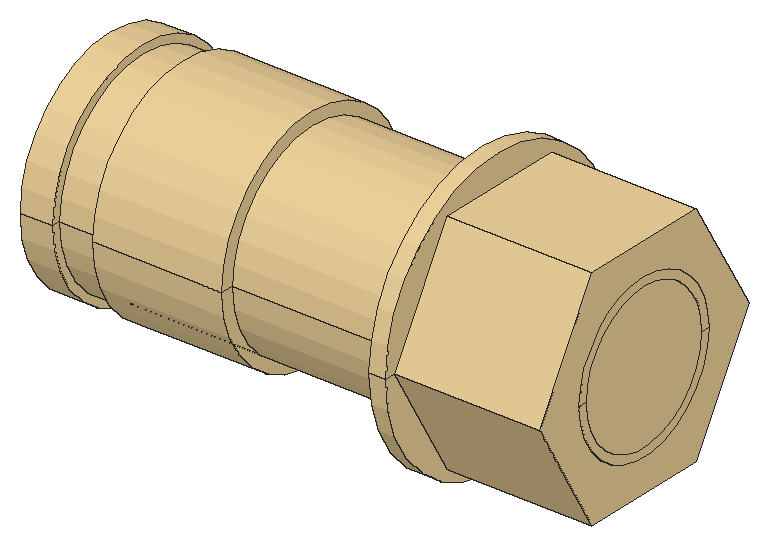
Revit family "ABC-PEX_Фитинг_Штуцер с внутренней резьбой", category Соединительные детали трубопроводов, Revit 2019
Family settings
  Размер круглого соединителя = Использовать диаметр
  Тип детали = Соединение
  На основе рабочей плоскости = Нет
  Всегда вертикально = Нет
  При загрузке вырезать с полостями = Нет
  Общий = Да
Parameters
  Таблица выбора = "ABC-PEX_Фитинг_Штуцер с внутренней резьбой"  # constant formula
  Маткриал_Корпус = Латунь
  z [instance] = size_lookup(Таблица выбора, "z", 30 mm, DN1, DN2)  # 18 mm
  a [instance] = size_lookup(Таблица выбора, "a", 30 mm, DN1, DN2)  # 57 mm
  S [instance] = DN1 + 3 mm  # 28 mm
  DN2 [instance] = 20 mm
  DN1 [instance] = 25 mm
  ADSK_Примечание = ""
  ADSK_Наименование [instance] = size_lookup(Таблица выбора, "ADSK_Наименование", "Нет в каталоге", DN1, DN2)  # "Штуцер с внутренней резьбой DN25x3/4\""
  ADSK_Масса [instance] = size_lookup(Таблица выбора, "ADSK_Масса", 0, DN1, DN2)  # 0.11
  ADSK_Марка [instance] = size_lookup(Таблица выбора, "ADSK_Марка", "Нет в каталоге", DN1, DN2)  # "ABC-F-42534"
  ADSK_Завод-изготовитель = "Agpipe"  # constant formula
Reference planes
  plane 1 "По центру (Вперед/Назад)": y = 0
  plane 2: z = 0
  plane 3 "По центру (Влево/Вправо)": x = 0
  plane 4: y = 12.5
  plane 5: y = -12.5
  plane 6: x = -28.5
  plane 7: x = 28.5
  plane 8: x = 10.5
  plane 9: y = 10
  plane 10: y = -10
Forms (mm)
  Extrusion 1, solid, material "Латунь" <- "Маткриал_Корпус", detail levels fine
    sketch origin (0, 0, 0) x (0, 1, 0) y (0, 0, 1)
      loop
        line (16.166, 0) -> (8.083, 14) -> (-8.083, 14) -> (-16.166, 0) -> (-8.083, -14) -> (8.083, -14) -> (16.166, 0)
    from 10.5 to 28.5
  Revolve 2, solid, material "Латунь" <- "Маткриал_Корпус", detail levels fine
    sketch origin (0, 0, 0) x (-1, 0, 0) y (0, 1, 0)
      loop
        line (28.5, 12.5) -> (-8.5, 12.5) -> (-8.5, 17.5) -> (-10.5, 17.5) -> (-10.5, 10) -> (-28.5, 10) -> (-28.5, 9) -> (-10.5, 9) -> (-10.5, 4) -> (-6.5, 4) -> (-6.5, 10.5) -> (28.5, 10.5) -> (28.5, 12.5)
      axis (-28.5, 0) -> (28.5, 0)
    angle from 0 to 360
Lines and regions (mm)
  reference lines
    curve 1: line (10.5, 0, 0) -> (28.5, 0, 0)
  symbolic lines
    curve 2: line (-28.5, 0, 0) -> (28.5, 0, 0)
Dimensions and locks
  equal spacing: plane 4, plane 1 "По центру (Вперед/Назад)", plane 5
  "DN1": plane 4 to plane 5
  equal spacing: plane 6, plane 3 "По центру (Влево/Вправо)", plane 7
  "a": plane 6 to plane 7
  equal spacing: Extrusion 1 sketch curve, curve 1, Extrusion 1 sketch curve  (x3)
  "S": Extrusion 1 sketch curve to Extrusion 1 sketch curve  (x3)
  "DN2": plane 9 to plane 10
  locked: Revolve 2 sketch curve to Revolve 2 sketch curve at 2
  locked: Revolve 2 sketch curve to Revolve 2 sketch curve at 5
  equal spacing: plane 9, plane 1 "По центру (Вперед/Назад)", plane 10
  "z": plane 8 to plane 7
  locked: Revolve 2 sketch curve to plane 4 at 2
  locked: Revolve 2 sketch curve to plane 9 at 1
  locked: Revolve 2 sketch curve to plane 4 at 5
  locked: Extrusion 1 sketch curve to Extrusion 1 sketch curve (angle 120.00°)  (x3)
  aligned and locked: level to plane 2
  aligned and locked: plane 7 to curve 2
  aligned and locked: Revolve 2 sketch curve to Revolve 2 sketch curve
  aligned and locked: plane 7 to curve 1
  aligned and locked: Revolve 2 sketch curve to plane 4
  aligned and locked: plane 9 to Revolve 2 sketch curve
  aligned and locked: plane 7 to Extrusion 1
  aligned and locked: Revolve 2 to plane 6
  aligned and locked: plane 8 to curve 1
  aligned and locked: nested 1 to curve 2
  aligned and locked: nested 1 to plane 6
  aligned and locked: Revolve 2 sketch curve to plane 8
Automatic sketch dimensions
  plane 1 "По центру (Вперед/Назад)" to curve 1 = 0 mm
  plane 1 "По центру (Вперед/Назад)" to curve 2 = 0 mm
  Revolve 2 sketch curve to plane 7 = 0 mm  (x2)
  plane 1 "По центру (Вперед/Назад)" to Revolve 2 sketch curve = 0 mm
  Revolve 2 sketch curve to plane 6 = 0 mm
  plane 8 to Revolve 2 sketch curve = 4 mm
  Revolve 2 sketch curve to plane 6 = 5 mm
Nested families
  nested 1: "ABC-PEX_Фитинг_Надвижная гильза" at (-25, 0, 0) x (-1, 0, 0) z (0, 0, 1), DN <- "DN2", type "ABC-PEX_Фитинг_Надвижная гильза", detail levels fine
    with b 28 mm, a 25 mm, DN 20 mm, ADSK_Наименование "Надвижная гильза DN20", ADSK_Масса 0.012, ADSK_Марка "ABC-F-120"
Connectors
  piping at (10.5, 0, 0), diameter 25, driven by "DN1"
    settings: on curve 1, index 1, connector inside diameter 609.6 mm, connector length 0 mm, flow factor 0, pipe flow 0.0 L/s, pressure drop 0.0 Pa, fitting loss kfactor 0, connector angle 0.00°, fixture units 0, engagement length 0 mm, angle of deflection 0.00°, flow configuration 0, flow direction 0, fitting loss method 0, system type 28, joint type 0, gender type 0, connector reference index 2, connector utility 0, adjustable connector no, is connector primary yes, connector description ""
  piping at (28.5, 0, 0), diameter 20, driven by "DN2"
    settings: on curve 1, index 2, connector inside diameter 609.6 mm, connector length 0 mm, flow factor 0, pipe flow 0.0 L/s, pressure drop 0.0 Pa, fitting loss kfactor 0, connector angle 0.00°, fixture units 0, engagement length 0 mm, angle of deflection 0.00°, flow configuration 0, flow direction 0, fitting loss method 0, system type 28, joint type 0, gender type 0, connector reference index 1, connector utility 0, adjustable connector no, is connector primary no, connector description ""
Definition of nested family "ABC-PEX_Фитинг_Надвижная гильза"
  Parameters (values of type "ABC-PEX_Фитинг_Надвижная гильза")
    Таблица выбора = "ABC-PEX_Фитинг_Надвижная гильза"  # constant formula
    Маткриал_Корпус = none
    b [instance] = size_lookup(Таблица выбора, "b", 30 mm, DN)  # 24 mm
    a [instance] = size_lookup(Таблица выбора, "a", 30 mm, DN)  # 24 mm
    DN [instance] = 16 mm
    ADSK_Примечание = ""
    ADSK_Наименование [instance] = size_lookup(Таблица выбора, "ADSK_Наименование", "Нет в каталоге", DN)  # "Надвижная гильза DN16"
    ADSK_Масса [instance] = size_lookup(Таблица выбора, "ADSK_Масса", 0, DN)  # 0.008
    ADSK_Марка [instance] = size_lookup(Таблица выбора, "ADSK_Марка", "Нет в каталоге", DN)  # "ABC-F-116"
    ADSK_Завод-изготовитель = "Agpipe"  # constant formula
  Reference planes
    plane 1 "По центру (Вперед/Назад)": y = 0
    plane 2: z = 0
    plane 3 "По центру (Влево/Вправо)": x = 0
    plane 4: y = 12
    plane 5: y = -12
    plane 6: x = -12
    plane 7: x = 12
    plane 8: y = 8
    plane 9: y = -8
  Forms (mm)
    Revolve 1, solid, material <- "Маткриал_Корпус"
      sketch origin (0, 0, 0) x (1, 0, 0) y (0, 1, 0)
        loop
          line (-12, 12) -> (-12, 10) -> (12, 10) -> (12, 12) -> (8, 12) -> (8, 11) -> (3, 11) -> (3, 12) -> (-12, 12)
        axis (-12, 0) -> (12, 0)
      angle from 0 to 360
  Lines and regions (mm)
    reference lines
      curve 1: line (-12, 0, 0) -> (12, 0, 0)
  Dimensions and locks
    equal spacing: plane 4, plane 1 "По центру (Вперед/Назад)", plane 5
    "b": plane 4 to plane 5
    equal spacing: plane 6, plane 3 "По центру (Влево/Вправо)", plane 7
    "a": plane 6 to plane 7
    plane 4 to Revolve 1 sketch curve = 2 mm
    equal spacing: plane 9, plane 1 "По центру (Вперед/Назад)", plane 8
    "DN": plane 9 to plane 8
    Revolve 1 sketch curve to Revolve 1 sketch curve to plane 7 = 5 mm locked, 4 mm locked
    Revolve 1 sketch curve to Revolve 1 sketch curve to plane 4 = 1 mm locked, 1 mm locked
    aligned and locked: level to plane 2
    aligned and locked: plane 1 "По центру (Вперед/Назад)" to Revolve 1 sketch curve
    aligned and locked: plane 4 to Revolve 1 sketch curve
    aligned and locked: Revolve 1 sketch curve to plane 4
    aligned and locked: plane 6 to Revolve 1 sketch curve
    aligned and locked: plane 7 to Revolve 1 sketch curve
    aligned and locked: plane 7 to curve 1
    aligned and locked: plane 6 to curve 1
  Automatic sketch dimensions
    plane 1 "По центру (Вперед/Назад)" to curve 1 = 0 mm
    plane 6 to Revolve 1 sketch curve = 5 mm
    Revolve 1 sketch curve to plane 7 = 4 mm
  Connectors
    piping at (-12, 0, 0), diameter 16, driven by "DN"
      settings: on curve 1, index 1, connector inside diameter 609.6 mm, connector length 0 mm, flow factor 0, pipe flow 0.0 L/s, pressure drop 0.0 Pa, fitting loss kfactor 0, connector angle 0.00°, fixture units 0, engagement length 0 mm, angle of deflection 0.00°, flow configuration 0, flow direction 0, fitting loss method 0, system type 28, joint type 0, gender type 0, connector reference index 2, connector utility 0, adjustable connector no, is connector primary yes, connector description ""
    piping at (12, 0, 0), diameter 16, driven by "DN"
      settings: on curve 1, index 2, connector inside diameter 609.6 mm, connector length 0 mm, flow factor 0, pipe flow 0.0 L/s, pressure drop 0.0 Pa, fitting loss kfactor 0, connector angle 0.00°, fixture units 0, engagement length 0 mm, angle of deflection 0.00°, flow configuration 0, flow direction 0, fitting loss method 0, system type 28, joint type 0, gender type 0, connector reference index 1, connector utility 0, adjustable connector no, is connector primary no, connector description ""
